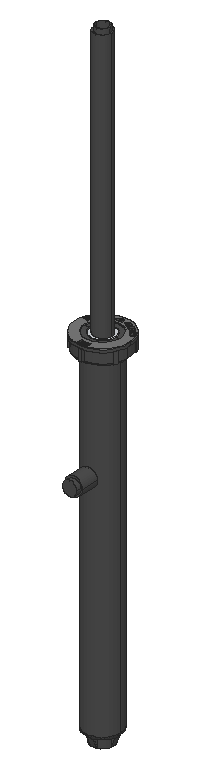
Revit family "Spray Bodies RD1800-S-P-45-NP Series", category Acessórios do tubo, Revit 2020
Family settings
  Cota do conector redondo = Utilizar diâmetro
  Tipo de parte = Normal
  Número OmniClass = 23.60.30.11.14
  Título OmniClass = Pipework Fittings
  Com base no plano de trabalho = Não
  Sempre na vertical = Sim
  Corte com vazios quando carregada = Não
  Compartilhado = Não
Parameters (values of type "RD1812-S-P-45-NP")
  White Plastic = Purple Plastic
  URL = "https://www.rainbird.com/"
  SupportProjetos: Reviw Date = "15/11/2020"  # constant formula
  SupportProjetos: Reviw = "R01"  # constant formula
  SupportProjetos: Level of Detail = "LOD 300"  # constant formula
  SupportProjetos: Developed = "MICHEL SOARES MOTA"  # constant formula
  SupportProjetos: Creation Date = "13/07/2020"  # constant formula
  Side inlet = Model > 1805  # yes
  RainBird: Product Link = "https://store.rainbird.com/sprinklers/spray-heads.html?sprays_sprayheadseries=117"
  RainBird: Description = "Spray Bodies Serie ED1800 - Model RD1812-S-P-45-NP"
  RainBird: Comment [instance] = ""
  RT = 0.3015 cm
  RN = 1 cm
  R5 = 1 cm
  R4 = 1.25 cm
  R3 = 2 cm
  R2 = 2.85 cm
  R1 = 1 cm
  R-VAN = yes
  Pop up height = 30.5 cm
  Pop up on [instance] = yes
  Modelo = "RD1812-S-P-45-NP"
  Model = 1812
  H1 = Body height / 3  # 13.5333 cm
  Elevação padrão = 0 cm
  Descrição = RainBird: Description  # "Spray Bodies Serie ED1800 - Model RD1812-S-P-45-NP"
  DT8 = 0.08 cm
  DT7 = 3.05 cm
  DT6 = 2 cm
  DT5 = 0.12 cm
  DT4 = 0.5 cm
  DT3 = 0.7973 cm
  DT2 = 1 cm
  DT1 = 1.4 cm
  DD9 = 2 cm
  DD8 [instance] = if(Pop up on, Pop up height, 0 cm)  # 30.5 cm
  DD7 = 0.6 cm
  DD6 = 0.3 cm
  DD5 = 0.2 cm
  DD3 = 1.8 cm
  DD2 = 0.5 cm
  DD13 = 1.5 cm
  DD12 [instance] = if(Pop up on, Pop up height + 1.51 cm, 0 cm)  # 32.01 cm
  DD11 = 0.6254 cm
  DD10 = 2.5 cm
  DD1 = 1.2 cm
  Conection = 1.91 cm  # constant formula
  Body height = 40.6 cm
  Black Plastic 2 = Black Plastic 2
  Black Plastic = Black Plastic
  Arch Angle [instance] = 180.00°
  AA1 = 135.00°
  1812 = yes
  1806 = no
  1804 = no
  180 = no
Types (4, lengths in cm): name | Side inlet | RainBird: Description | Pop up height | Modelo | Model | H1 | Descrição | DD9 | DD8 | DD12 | DD11 | DD10 | Body height | 1812 | 1806 | 1804 | 180
  (no name) | yes | "Spray Bodies Serie ED1800 - Model RD1812-S-P-45-NP" | 30.5 | "RD1812-S-P-45-NP" | 1812 | 13.5333 | "Spray Bodies Serie ED1800 - Model RD1812-S-P-45-NP" | 2 | 30.5 | 32.01 | 0.6254 | 2.5 | 40.6 | yes | no | no | no
  RD1804-S-P-45-NP | no | "Spray Bodies Serie RD1800 - Model RD1804-S-P-45-NP" | 10.2 | "RD1804-S-P-45-NP" | 1804 | 5.0667 | "Spray Bodies Serie RD1800 - Model RD1804-S-P-45-NP" | 1.3673 | 10.2 | 11.71 | 0.2 | 2.7818 | 15.2 | no | no | yes | yes
  RD1806-S-P-45-NP | yes | "Spray Bodies Serie RD1800 - Model RD1806-S-P-45-NP" | 15.2 | "RD1806-S-P-45-NP" | 1806 | 7.9333 | "Spray Bodies Serie RD1800 - Model RD1806-S-P-45-NP" | 1.3673 | 15.2 | 16.71 | 0.1 | 2.7818 | 23.8 | no | yes | no | yes
  RD1812-S-P-45-NP | yes | "Spray Bodies Serie ED1800 - Model RD1812-S-P-45-NP" | 30.5 | "RD1812-S-P-45-NP" | 1812 | 13.5333 | "Spray Bodies Serie ED1800 - Model RD1812-S-P-45-NP" | 2 | 30.5 | 32.01 | 0.6254 | 2.5 | 40.6 | yes | no | no | no
Reference planes (cm)
  plane 1 "Centro (Frente/Trás)": y = 0
  plane 2: z = 0
  plane 3 "Centro (Esquerda/Direita)": x = 0
  plane 4: z = 0.12
  plane 5: z = 0.08
  plane 6: y = -2
Forms (cm)
  Revolve 1, solid, material "Black Plastic" <- "Black Plastic"
    sketch origin (0, 0, 0) x (1, 0, 0) y (0, 0, 1)
      loop
        line (2.85, -1.5672) -> (2.85, -0.3) -> (3.05, -0.3) -> (3.05, 0) -> (1.4, 0) -> (1.4, -1) -> (1, -1) -> (1, -30.5) -> (0.6, -30.5) -> (0.6, -39.4) -> (1, -39.4) -> (1, -40.6) -> (1.25, -40.6) -> (1.25, -39.4) -> (1.6985, -39.4)
        arc (1.6985, -39.4) -> (1.9117, -39.3117) -> (2, -39.0985) r 0.3015
        line (2, -39.0985) -> (2, -2.1015)
        arc (2, -2.1015) -> (2.0883, -1.8883) -> (2.3015, -1.8) r 0.3015
        line (2.3015, -1.8) -> (2.6172, -1.8) -> (2.85, -1.5672)
      axis (0, -40.6) -> (0, 0)
    angle from 0 to 360
  Extrusion 2, solid, material "Black Plastic" <- "Black Plastic"
    sketch origin (0, 0, 0) x (1, 0, 0) y (0, 1, 0)
      loop
        circle (0, 0) r 1
    from -30.5 to 30.5
  Extrusion 3, void
    sketch origin (0, 0, 0) x (1, 0, 0) y (0, 1, 0)
      loop
        circle (0, 0) r 1
      loop
        circle (0, 0) r 0.7973
    from 30 to 30.5
  Extrusion 4, solid, material "Black Plastic" <- "Black Plastic", visible <- "180"
    sketch origin (0, -2.5, 0) x (1, 0, 0) y (0, 1, 0)
      loop
        line (-2.231, 3.2135) -> (-2.1644, 3.3339) -> (-2.3679, 3.3844) -> (-2.2992, 3.5085) -> (-2.0365, 3.4904) -> (-1.9715, 3.608) -> (-2.2887, 3.6298) -> (-2.4263, 3.706) -> (-2.6398, 3.6445) -> (-2.8298, 3.3622) -> (-2.231, 3.2135)
      loop
        line (-2.6663, 3.4585) -> (-2.4339, 3.4008) -> (-2.3526, 3.5478) -> (-2.4178, 3.6107) -> (-2.5587, 3.5701) -> (-2.6663, 3.4585)
      loop
        line (-1.9163, 3.7039) -> (-1.8175, 3.8064) -> (-1.8808, 3.8933) -> (-1.7232, 4.0568) -> (-1.6371, 4.0092) -> (-1.5763, 4.1193) -> (-2.1283, 4.1963) -> (-2.2118, 4.1098) -> (-1.9163, 3.7039)
      loop
        line (-2.0723, 4.0915) -> (-1.9537, 3.9286) -> (-1.8139, 4.0736) -> (-2.0723, 4.0915)
      loop
        line (-1.8177, 4.5186) -> (-1.3486, 4.2146) -> (-1.2727, 4.2934) -> (-1.7417, 4.5974) -> (-1.8177, 4.5186)
      loop
        line (-1.1151, 4.372) -> (-1.0305, 4.4599) -> (-1.2636, 4.6846) -> (-0.7593, 4.6142) -> (-0.6667, 4.7103) -> (-1.0803, 5.0567) -> (-1.1605, 4.9984) -> (-0.8466, 4.7354) -> (-1.4131, 4.8145) -> (-1.5049, 4.7477) -> (-1.1151, 4.372)
      loop
        line (-0.4562, 4.9237) -> (-0.283, 4.8466) -> (-0.0843, 4.7934) -> (0, 4.9138) -> (0.2358, 4.8722) -> (0.2981, 4.9345) -> (0.116, 5.0156) -> (0.2085, 5.1477) -> (-0.0336, 5.3172) -> (-0.0336, 5.1849) -> (-0.0336, 5.0821) -> (-0.1724, 5.1439) -> (-0.2428, 5.1033) -> (-0.1476, 5.0081) -> (-0.274, 4.9621) -> (-0.4562, 4.9237)
      loop
        line (0.6147, 4.7728) -> (0.9327, 4.5929) -> (1.0885, 4.5721) -> (1.1808, 4.6694) -> (1.1317, 4.7723) -> (1.2619, 4.7549) -> (1.334, 4.8309) -> (1.2754, 4.9539) -> (0.9573, 5.1338) -> (0.6147, 4.7728)
      loop
        line (0.8462, 4.8897) -> (0.7501, 4.7884) -> (0.9556, 4.6722) -> (1.0744, 4.6732) -> (1.0734, 4.7801) -> (0.8462, 4.8897)
      loop
        line (0.9989, 5.0507) -> (0.9222, 4.9699) -> (1.1173, 4.8595) -> (1.2037, 4.8602) -> (1.1883, 4.9435) -> (0.9989, 5.0507)
      loop
        line (1.2199, 4.4305) -> (1.3171, 4.3754) -> (1.7079, 4.7092) -> (1.6106, 4.7642) -> (1.2199, 4.4305)
      loop
        line (1.9335, 4.5079) -> (1.472, 4.2878) -> (1.5637, 4.2008) -> (1.7245, 4.2775) -> (1.8813, 4.1484) -> (1.7689, 4.0299) -> (1.857, 3.9063) -> (1.985, 3.9976) -> (2.0031, 4.1334) -> (2.1114, 4.0951) -> (2.2369, 4.155) -> (2.156, 4.3246) -> (1.9335, 4.5079)
      loop
        line (1.9261, 4.4053) -> (1.8225, 4.3559) -> (1.9436, 4.2141) -> (2.1112, 4.2155) -> (2.0556, 4.3321) -> (1.9261, 4.4053)
      loop
        line (1.9557, 3.8215) -> (2.1968, 3.4836) -> (2.3925, 3.4143) -> (2.7137, 3.5675) -> (2.6804, 3.6964) -> (2.4921, 3.9603) -> (1.9557, 3.8215)
      loop
        line (2.1302, 3.7523) -> (2.2577, 3.5736) -> (2.4889, 3.5756) -> (2.5959, 3.652) -> (2.4629, 3.8384) -> (2.1302, 3.7523)
      loop
        line (-0.516, -0.0627) -> (-0.4245, -0.0627) -> (-0.4245, -0.3834) -> (-0.3366, -0.3834) -> (-0.3366, 0.1166) -> (-0.516, -0.0627)
      loop
        line (-0.2745, 0.1165) -> (-0.2745, -0.3834) -> (-0.0345, -0.3834) -> (-0.0345, 0.1165) -> (-0.2745, 0.1165)
      loop
        line (-0.1945, 0.0365) -> (-0.1945, -0.0861) -> (-0.1145, -0.0861) -> (-0.1145, 0.0365) -> (-0.1945, 0.0365)
      loop
        line (-0.1945, -0.1661) -> (-0.1945, -0.3034) -> (-0.1145, -0.3034) -> (-0.1145, -0.1661) -> (-0.1945, -0.1661)
      loop
        line (0.0395, 0.1165) -> (0.0395, -0.3834) -> (0.2795, -0.3834) -> (0.2795, 0.1165) -> (0.0395, 0.1165)
      loop
        line (0.1195, 0.0365) -> (0.1195, -0.3034) -> (0.1995, -0.3034) -> (0.1995, 0.0365) -> (0.1195, 0.0365)
    from 0 to 0.12
  Extrusion 5, solid, material "Black Plastic 2" <- "Black Plastic 2"
    sketch origin (0, 0, 0) x (1, 0, 0) y (0, 1, 0)
      loop
        circle (0, 0) r 3.05
      loop
        circle (0, 0) r 2
    from 0 to 0.08
  Extrusion 6, solid, material "Black Plastic" <- "Black Plastic", visible <- "Side inlet"
    sketch origin (0, 0, 0) x (1, 0, 0) y (0, 0, 1)
      loop
        circle (0, -13.5333) r 1
    from 2 to 4
  Extrusion 7, solid, material "Black Plastic" <- "Black Plastic", visible <- "Side inlet"
    sketch origin (0, 0, 0) x (1, 0, 0) y (0, 0, 1)
      loop
        circle (0, -13.5333) r 0.7964
    from 4 to 4.5
  Extrusion 8, void
    sketch origin (0, 0, 0) x (1, 0, 0) y (0, 1, 0)
      loop
        circle (0, 0) r 0.6963
    from -30.5 to 30.5
  Extrusion 9, solid, material "Black Plastic" <- "Black Plastic"
    sketch origin (0, 0, 0) x (0, 1, 0) y (0, 0, 1)
      loop
        line (1.25, -39.4) -> (1.25, -40.6) -> (1.75, -39.4) -> (1.25, -39.4)
      loop
        line (-1.25, -39.4) -> (-1.75, -39.4) -> (-1.25, -40.6) -> (-1.25, -39.4)
    from -0.3127 to 0.3127
  Extrusion 10, solid, material "Black Plastic" <- "Black Plastic"
    sketch origin (0, 0, 0) x (-1, 0, 0) y (0, 0, 1)
      loop
        line (1.25, -39.4) -> (1.25, -40.6) -> (1.75, -39.4) -> (1.25, -39.4)
      loop
        line (-1.25, -39.4) -> (-1.75, -39.4) -> (-1.25, -40.6) -> (-1.25, -39.4)
    from -0.3127 to 0.3127
  Extrusion 11, solid, material "Black Plastic" <- "Black Plastic", visible <- "1804"
    sketch origin (0.5778, -2.5, 0) x (1, 0, 0) y (0, 1, 0)
      loop
        line (-0.268, -0.156) -> (-0.108, -0.156) -> (-0.108, -0.3834) -> (-0.024, -0.3834) -> (-0.024, 0.1165) -> (-0.108, 0.1165) -> (-0.108, -0.0861) -> (-0.188, -0.0861) -> (-0.188, 0.1165) -> (-0.268, 0.1165) -> (-0.268, -0.156)
    from 0 to 0.12
  Extrusion 12, solid, material "Black Plastic" <- "Black Plastic", visible <- "1806"
    sketch origin (0.5778, -2.5, 0) x (1, 0, 0) y (0, 1, 0)
      loop
        line (-0.268, -0.3834) -> (-0.024, -0.3834) -> (-0.024, -0.0861) -> (-0.188, -0.0861) -> (-0.188, 0.0365) -> (-0.024, 0.0365) -> (-0.024, 0.1165) -> (-0.268, 0.1165) -> (-0.268, -0.3834)
      loop
        line (-0.188, -0.1661) -> (-0.188, -0.3034) -> (-0.108, -0.3034) -> (-0.108, -0.1661) -> (-0.188, -0.1661)
    from 0 to 0.12
  Extrusion 13, solid, material "Black Plastic" <- "Black Plastic", visible <- "1812"
    sketch origin (0, -2.5, 0) x (1, 0, 0) y (0, 1, 0)
      loop
        line (-2.231, 3.2135) -> (-2.1644, 3.3339) -> (-2.3679, 3.3844) -> (-2.2992, 3.5085) -> (-2.0365, 3.4904) -> (-1.9715, 3.608) -> (-2.2887, 3.6298) -> (-2.4263, 3.706) -> (-2.6398, 3.6445) -> (-2.8298, 3.3622) -> (-2.231, 3.2135)
      loop
        line (-2.6663, 3.4585) -> (-2.4339, 3.4008) -> (-2.3526, 3.5478) -> (-2.4178, 3.6107) -> (-2.5587, 3.5701) -> (-2.6663, 3.4585)
      loop
        line (-1.9163, 3.7039) -> (-1.8175, 3.8064) -> (-1.8808, 3.8933) -> (-1.7232, 4.0568) -> (-1.6371, 4.0092) -> (-1.5763, 4.1193) -> (-2.1283, 4.1963) -> (-2.2118, 4.1098) -> (-1.9163, 3.7039)
      loop
        line (-2.0723, 4.0915) -> (-1.9537, 3.9286) -> (-1.8139, 4.0736) -> (-2.0723, 4.0915)
      loop
        line (-1.8177, 4.5186) -> (-1.3486, 4.2146) -> (-1.2727, 4.2934) -> (-1.7417, 4.5974) -> (-1.8177, 4.5186)
      loop
        line (-1.1151, 4.372) -> (-1.0305, 4.4599) -> (-1.2636, 4.6846) -> (-0.7593, 4.6142) -> (-0.6667, 4.7103) -> (-1.0803, 5.0567) -> (-1.1605, 4.9984) -> (-0.8466, 4.7354) -> (-1.4131, 4.8145) -> (-1.5049, 4.7477) -> (-1.1151, 4.372)
      loop
        line (-0.4562, 4.9237) -> (-0.283, 4.8466) -> (-0.0843, 4.7934) -> (0, 4.9138) -> (0.2358, 4.8722) -> (0.2981, 4.9345) -> (0.116, 5.0156) -> (0.2085, 5.1477) -> (-0.0336, 5.3172) -> (-0.0336, 5.1849) -> (-0.0336, 5.0821) -> (-0.1724, 5.1439) -> (-0.2428, 5.1033) -> (-0.1476, 5.0081) -> (-0.274, 4.9621) -> (-0.4562, 4.9237)
      loop
        line (0.6147, 4.7728) -> (0.9327, 4.5929) -> (1.0885, 4.5721) -> (1.1808, 4.6694) -> (1.1317, 4.7723) -> (1.2619, 4.7549) -> (1.334, 4.8309) -> (1.2754, 4.9539) -> (0.9573, 5.1338) -> (0.6147, 4.7728)
      loop
        line (0.8462, 4.8897) -> (0.7501, 4.7884) -> (0.9556, 4.6722) -> (1.0744, 4.6732) -> (1.0734, 4.7801) -> (0.8462, 4.8897)
      loop
        line (0.9989, 5.0507) -> (0.9222, 4.9699) -> (1.1173, 4.8595) -> (1.2037, 4.8602) -> (1.1883, 4.9435) -> (0.9989, 5.0507)
      loop
        line (1.2199, 4.4305) -> (1.3171, 4.3754) -> (1.7079, 4.7092) -> (1.6106, 4.7642) -> (1.2199, 4.4305)
      loop
        line (1.9335, 4.5079) -> (1.472, 4.2878) -> (1.5637, 4.2008) -> (1.7245, 4.2775) -> (1.8813, 4.1484) -> (1.7689, 4.0299) -> (1.857, 3.9063) -> (1.985, 3.9976) -> (2.0031, 4.1334) -> (2.1114, 4.0951) -> (2.2369, 4.155) -> (2.156, 4.3246) -> (1.9335, 4.5079)
      loop
        line (1.9261, 4.4053) -> (1.8225, 4.3559) -> (1.9436, 4.2141) -> (2.1112, 4.2155) -> (2.0556, 4.3321) -> (1.9261, 4.4053)
      loop
        line (1.9557, 3.8215) -> (2.1968, 3.4836) -> (2.3925, 3.4143) -> (2.7137, 3.5675) -> (2.6804, 3.6964) -> (2.4921, 3.9603) -> (1.9557, 3.8215)
      loop
        line (2.1302, 3.7523) -> (2.2577, 3.5736) -> (2.4889, 3.5756) -> (2.5959, 3.652) -> (2.4629, 3.8384) -> (2.1302, 3.7523)
      loop
        line (-0.516, -0.0625) -> (-0.4245, -0.0625) -> (-0.4245, -0.3832) -> (-0.3366, -0.3832) -> (-0.3366, 0.1168) -> (-0.516, -0.0625)
      loop
        line (-0.2745, 0.1166) -> (-0.2745, -0.3832) -> (-0.0345, -0.3832) -> (-0.0345, 0.1166) -> (-0.2745, 0.1166)
      loop
        line (-0.1945, 0.0366) -> (-0.1945, -0.086) -> (-0.1145, -0.086) -> (-0.1145, 0.0366) -> (-0.1945, 0.0366)
      loop
        line (-0.1945, -0.166) -> (-0.1945, -0.3032) -> (-0.1145, -0.3032) -> (-0.1145, -0.166) -> (-0.1945, -0.166)
      loop
        line (0.2795, 0.1166) -> (0.1002, -0.0625) -> (0.1916, -0.0625) -> (0.1916, -0.3831) -> (0.2795, -0.3831) -> (0.2795, 0.1166)
      loop
        line (0.3097, 0.1165) -> (0.3097, 0.0365) -> (0.4697, 0.0365) -> (0.4697, -0.0861) -> (0.3097, -0.0861) -> (0.3097, -0.3834) -> (0.5537, -0.3834) -> (0.5537, -0.3032) -> (0.3897, -0.3032) -> (0.3897, -0.1664) -> (0.5537, -0.1664) -> (0.5537, 0.1165) -> (0.3097, 0.1165)
    from 0 to 0.12
  Extrusion 14, solid, material "Black Plastic" <- "Black Plastic"
    sketch origin (0, 0, 0) x (1, 0, 0) y (0, 1, 0)
      loop
        line (-0.1873, 3.0442) -> (-0.1873, 2.8126)
        arc (-0.1873, 2.8126) -> (0, 2.8188) -> (0.1873, 2.8126) r 2.8188
        line (0.1873, 2.8126) -> (0.1873, 3.0442)
        arc (0.1873, 3.0442) -> (0, 3.05) -> (-0.1873, 3.0442) r 3.05
      loop
        arc (-0.1873, -3.0442) -> (0, -3.05) -> (0.1873, -3.0442) r 3.05
        line (0.1873, -3.0442) -> (0.1873, -2.8126)
        arc (0.1873, -2.8126) -> (0, -2.8188) -> (-0.1873, -2.8126) r 2.8188
        line (-0.1873, -2.8126) -> (-0.1873, -3.0442)
      loop
        line (-2.73, 1.3599) -> (-2.5294, 1.2441)
        arc (-2.5294, 1.2441) -> (-2.4411, 1.4094) -> (-2.3421, 1.5685) r 2.8188
        line (-2.3421, 1.5685) -> (-2.5427, 1.6843)
        arc (-2.5427, 1.6843) -> (-2.6414, 1.525) -> (-2.73, 1.3599) r 3.05
      loop
        arc (2.5427, -1.6843) -> (2.6414, -1.525) -> (2.73, -1.3599) r 3.05
        line (2.73, -1.3599) -> (2.5294, -1.2441)
        arc (2.5294, -1.2441) -> (2.4411, -1.4094) -> (2.3421, -1.5685) r 2.8188
        line (2.3421, -1.5685) -> (2.5427, -1.6843)
      loop
        line (-2.5427, -1.6843) -> (-2.3421, -1.5685)
        arc (-2.3421, -1.5685) -> (-2.4411, -1.4094) -> (-2.5294, -1.2441) r 2.8188
        line (-2.5294, -1.2441) -> (-2.73, -1.3599)
        arc (-2.73, -1.3599) -> (-2.6414, -1.525) -> (-2.5427, -1.6843) r 3.05
      loop
        arc (2.73, 1.3599) -> (2.6414, 1.525) -> (2.5427, 1.6843) r 3.05
        line (2.5427, 1.6843) -> (2.3421, 1.5685)
        arc (2.3421, 1.5685) -> (2.4411, 1.4094) -> (2.5294, 1.2441) r 2.8188
        line (2.5294, 1.2441) -> (2.73, 1.3599)
    from -1.5672 to -0.3
Cuts and joins
  Extrusion 3, Extrusion 8 cuts Extrusion 2
Dimensions and locks (cm)
  "Body height": level to Revolve 1 sketch curve
  "R2": Revolve 1 sketch curve to plane 3 "Centro (Esquerda/Direita)"
  "DD1": Revolve 1 sketch curve to Revolve 1 sketch curve
  "DD3": level to Revolve 1 sketch curve
  "R3": Revolve 1 sketch curve to plane 3 "Centro (Esquerda/Direita)"
  "R4": Revolve 1 sketch curve to plane 3 "Centro (Esquerda/Direita)"
  "DD5": Revolve 1 sketch curve to Revolve 1 sketch curve
  "DD6": level to Revolve 1 sketch curve
  "RN": Revolve 1 sketch curve to plane 3 "Centro (Esquerda/Direita)"
  "Pop up height": level to Revolve 1 sketch curve
  "R5": plane 3 "Centro (Esquerda/Direita)" to Revolve 1 sketch curve
  "DD7": Revolve 1 sketch curve to plane 3 "Centro (Esquerda/Direita)"
  "DT1": plane 3 "Centro (Esquerda/Direita)" to Revolve 1 sketch curve
  "DT2": level to Revolve 1 sketch curve
  "DD8": Extrusion 2 to level
  "DT4": cut or joined group of Extrusion 2, Extrusion 3, Extrusion 8 to cut or joined group of Extrusion 2, Extrusion 3, Extrusion 8
  "DT5": plane 4 to level
  "DT8": plane 5 to level
  "H1": level to Extrusion 6 sketch curve
  "R3": plane 6 to plane 1 "Centro (Frente/Trás)"
  "DD9": Extrusion 6 to plane 6
  locked: Extrusion 7 to Extrusion 6 at 0.5
  "H1": level to Extrusion 7 sketch curve
  equal spacing: Extrusion 9, plane 3 "Centro (Esquerda/Direita)", Extrusion 9
  "DD11": Extrusion 9 to Extrusion 9
  equal spacing: Extrusion 10, plane 1 "Centro (Frente/Trás)", Extrusion 10
  "DD11": Extrusion 10 to Extrusion 10
  plane 3 "Centro (Esquerda/Direita)" to Extrusion 14 = 0.1873 cm
  "RT": radius of Revolve 1 sketch curve  (x2)
  "R1": radius of Extrusion 2 sketch curve
  "R1": radius of Extrusion 3 sketch curve
  "DT3": radius of Extrusion 3 sketch curve
  "DT6": radius of Extrusion 5 sketch curve
  "DT7": radius of Extrusion 5 sketch curve
  "AA1": angle Revolve 1 sketch curve to Revolve 1 sketch curve
  aligned and locked: level to plane 2
  aligned and locked: level to Revolve 1 sketch curve
  aligned and locked: Revolve 1 sketch curve to Revolve 1 sketch curve
  aligned and locked: Extrusion 2 to Revolve 1
  aligned and locked: cut or joined group of Extrusion 2, Extrusion 3, Extrusion 8 to cut or joined group of Extrusion 2, Extrusion 3, Extrusion 8  (x3)
  aligned and locked: Extrusion 4 to level
  aligned and locked: plane 4 to Extrusion 4
  aligned and locked: Extrusion 5 to level
  aligned and locked: plane 5 to Extrusion 5
  aligned and locked: plane 6 to Extrusion 6
  aligned and locked: Extrusion 7 to Extrusion 6
  aligned and locked: Extrusion 9 to Revolve 1
  aligned and locked: Extrusion 10 to Revolve 1
  aligned and locked: Revolve 1 to Extrusion 10
  aligned and locked: Revolve 1 to Extrusion 9
  aligned and locked: Revolve 1 to Extrusion 14  (x2)
Automatic sketch dimensions
  plane 1 "Centro (Frente/Trás)" to Extrusion 2 sketch curve = 0 cm
  Extrusion 2 sketch curve to plane 3 "Centro (Esquerda/Direita)" = 0 cm
  Extrusion 4 sketch curve to plane 3 "Centro (Esquerda/Direita)" = 0 cm
  Extrusion 4 sketch curve to plane 3 "Centro (Esquerda/Direita)" = 0.0336 cm
  Extrusion 4 sketch curve to plane 3 "Centro (Esquerda/Direita)" = 0.0345 cm
  Extrusion 4 sketch curve to plane 3 "Centro (Esquerda/Direita)" = 0.0843 cm
  Extrusion 4 sketch curve to plane 3 "Centro (Esquerda/Direita)" = 0.1145 cm
  Extrusion 4 sketch curve to Extrusion 4 sketch curve = 0.08 cm  (x11)
  Extrusion 4 sketch curve to Extrusion 4 sketch curve = 0.114 cm
  Extrusion 4 sketch curve to Extrusion 4 sketch curve = 0.0248 cm
  Extrusion 4 sketch curve to Extrusion 4 sketch curve = 0.0704 cm
  Extrusion 4 sketch curve to Extrusion 4 sketch curve = 0.1264 cm
  Extrusion 4 sketch curve to Extrusion 4 sketch curve = 0.009 cm
  Extrusion 4 sketch curve to Extrusion 4 sketch curve = 0.0622 cm  (x3)
  Extrusion 4 sketch curve to Extrusion 4 sketch curve = 0.0879 cm
  Extrusion 4 sketch curve to Extrusion 4 sketch curve = 0.1822 cm
  Extrusion 4 sketch curve to Extrusion 4 sketch curve = 0.0914 cm
  Extrusion 4 sketch curve to Extrusion 4 sketch curve = 0.2105 cm
  Extrusion 4 sketch curve to Extrusion 4 sketch curve = 0.0927 cm
  Extrusion 4 sketch curve to Extrusion 4 sketch curve = 0.0872 cm  (x2)
  Extrusion 4 sketch curve to Extrusion 4 sketch curve = 0.2711 cm
  Extrusion 4 sketch curve to Extrusion 4 sketch curve = 0.2338 cm
  Extrusion 4 sketch curve to Extrusion 4 sketch curve = 0.0847 cm  (x2)
  Extrusion 4 sketch curve to Extrusion 4 sketch curve = 0.0802 cm
  Extrusion 4 sketch curve to Extrusion 4 sketch curve = 0.2331 cm
  Extrusion 4 sketch curve to Extrusion 4 sketch curve = 0.1575 cm
  Extrusion 4 sketch curve to Extrusion 4 sketch curve = 0.0759 cm  (x2)
  Extrusion 4 sketch curve to Extrusion 4 sketch curve = 0.1495 cm
  Extrusion 4 sketch curve to Extrusion 4 sketch curve = 0.0917 cm  (x2)
  Extrusion 4 sketch curve to Extrusion 4 sketch curve = 0.2277 cm
  Extrusion 4 sketch curve to Extrusion 4 sketch curve = 0.0609 cm  (x2)
  Extrusion 4 sketch curve to Extrusion 4 sketch curve = 0.0861 cm
  Extrusion 4 sketch curve to Extrusion 4 sketch curve = 0.2369 cm
  Extrusion 4 sketch curve to Extrusion 4 sketch curve = 0.0907 cm
  Extrusion 4 sketch curve to Extrusion 4 sketch curve = 0.0037 cm
  Extrusion 4 sketch curve to Extrusion 4 sketch curve = 0.0633 cm
  Extrusion 4 sketch curve to Extrusion 4 sketch curve = 0.0988 cm
  Extrusion 4 sketch curve to Extrusion 4 sketch curve = 0.0729 cm
  Extrusion 4 sketch curve to Extrusion 4 sketch curve = 0.0551 cm
  Extrusion 4 sketch curve to plane 1 "Centro (Frente/Trás)" = 0.9904 cm
  Extrusion 4 sketch curve to Extrusion 4 sketch curve = 0.065 cm
  Extrusion 4 sketch curve to Extrusion 4 sketch curve = 0.1186 cm
  Extrusion 4 sketch curve to Extrusion 4 sketch curve = 0.056 cm
  Extrusion 4 sketch curve to plane 1 "Centro (Frente/Trás)" = 0.8339 cm
  Extrusion 4 sketch curve to Extrusion 4 sketch curve = 0.1279 cm
  Extrusion 4 sketch curve to Extrusion 4 sketch curve = 0.0835 cm
  Extrusion 4 sketch curve to plane 1 "Centro (Frente/Trás)" = 0.7135 cm
  Extrusion 4 sketch curve to Extrusion 4 sketch curve = 0.0666 cm  (x2)
  Extrusion 4 sketch curve to plane 1 "Centro (Frente/Trás)" = 1.1298 cm
  Extrusion 4 sketch curve to Extrusion 4 sketch curve = 0.2521 cm
  Extrusion 4 sketch curve to plane 1 "Centro (Frente/Trás)" = 1.0085 cm
  Extrusion 4 sketch curve to Extrusion 4 sketch curve = 0.0106 cm
  Extrusion 4 sketch curve to plane 1 "Centro (Frente/Trás)" = 1.0478 cm
  Extrusion 4 sketch curve to Extrusion 4 sketch curve = 0.0534 cm
  Extrusion 4 sketch curve to plane 1 "Centro (Frente/Trás)" = 0.8844 cm
  Extrusion 4 sketch curve to Extrusion 4 sketch curve = 0.0686 cm
  Extrusion 4 sketch curve to plane 1 "Centro (Frente/Trás)" = 1.1107 cm
  Extrusion 4 sketch curve to Extrusion 4 sketch curve = 0.0652 cm
  Extrusion 4 sketch curve to plane 1 "Centro (Frente/Trás)" = 1.206 cm
  Extrusion 4 sketch curve to Extrusion 4 sketch curve = 0.0084 cm
  Extrusion 4 sketch curve to plane 1 "Centro (Frente/Trás)" = 0.9008 cm
  Extrusion 4 sketch curve to Extrusion 4 sketch curve = 0.066 cm
  Extrusion 4 sketch curve to plane 1 "Centro (Frente/Trás)" = 1.0701 cm
  Extrusion 4 sketch curve to Extrusion 4 sketch curve = 0.1408 cm
  Extrusion 4 sketch curve to plane 1 "Centro (Frente/Trás)" = 1.1445 cm
  Extrusion 4 sketch curve to Extrusion 4 sketch curve = 0.0811 cm  (x2)
  Extrusion 4 sketch curve to plane 1 "Centro (Frente/Trás)" = 0.9585 cm
  Extrusion 4 sketch curve to Extrusion 4 sketch curve = 0.1076 cm
  Extrusion 4 sketch curve to plane 1 "Centro (Frente/Trás)" = 0.8622 cm
  Extrusion 4 sketch curve to Extrusion 4 sketch curve = 0.1635 cm
  plane 3 "Centro (Esquerda/Direita)" to Extrusion 4 sketch curve = 0.0395 cm
  plane 3 "Centro (Esquerda/Direita)" to Extrusion 4 sketch curve = 0.116 cm
  Extrusion 4 sketch curve to Extrusion 4 sketch curve = 0.0925 cm
  Extrusion 4 sketch curve to Extrusion 4 sketch curve = 0.1199 cm
  Extrusion 4 sketch curve to Extrusion 4 sketch curve = 0.3166 cm
  Extrusion 4 sketch curve to Extrusion 4 sketch curve = 0.1353 cm
  Extrusion 4 sketch curve to Extrusion 4 sketch curve = 0.0961 cm  (x2)
  Extrusion 4 sketch curve to Extrusion 4 sketch curve = 0.076 cm  (x2)
  Extrusion 4 sketch curve to Extrusion 4 sketch curve = 0.1827 cm
  Extrusion 4 sketch curve to Extrusion 4 sketch curve = 0.0229 cm
  Extrusion 4 sketch curve to Extrusion 4 sketch curve = 0.0351 cm
  Extrusion 4 sketch curve to Extrusion 4 sketch curve = 0.0416 cm
  Extrusion 4 sketch curve to Extrusion 4 sketch curve = 0.1178 cm
  Extrusion 4 sketch curve to Extrusion 4 sketch curve = 0.0009 cm
  Extrusion 4 sketch curve to Extrusion 4 sketch curve = 0.0141 cm
  Extrusion 4 sketch curve to Extrusion 4 sketch curve = 0.0439 cm
  Extrusion 4 sketch curve to Extrusion 4 sketch curve = 0.0583 cm
  Extrusion 4 sketch curve to Extrusion 4 sketch curve = 0.1064 cm
  Extrusion 4 sketch curve to Extrusion 4 sketch curve = 0.071 cm
  Extrusion 4 sketch curve to Extrusion 4 sketch curve = 0.0154 cm
  Extrusion 4 sketch curve to Extrusion 4 sketch curve = 0.1314 cm
  Extrusion 4 sketch curve to Extrusion 4 sketch curve = 0.0871 cm
  Extrusion 4 sketch curve to Extrusion 4 sketch curve = 0.0973 cm  (x3)
  Extrusion 4 sketch curve to Extrusion 4 sketch curve = 0.0721 cm
  Extrusion 4 sketch curve to Extrusion 4 sketch curve = 0.1549 cm
  Extrusion 4 sketch curve to Extrusion 4 sketch curve = 0.2766 cm
  Extrusion 4 sketch curve to Extrusion 4 sketch curve = 0.1608 cm
  Extrusion 4 sketch curve to Extrusion 4 sketch curve = 0.0443 cm
  Extrusion 4 sketch curve to Extrusion 4 sketch curve = 0.098 cm
  Extrusion 4 sketch curve to Extrusion 4 sketch curve = 0.0882 cm
  Extrusion 4 sketch curve to Extrusion 4 sketch curve = 0.1125 cm
  Extrusion 4 sketch curve to Extrusion 4 sketch curve = 0.1036 cm
  Extrusion 4 sketch curve to Extrusion 4 sketch curve = 0.0073 cm
  Extrusion 4 sketch curve to Extrusion 4 sketch curve = 0.0623 cm
  Extrusion 4 sketch curve to Extrusion 4 sketch curve = 0.0987 cm
  Extrusion 4 sketch curve to Extrusion 4 sketch curve = 0.128 cm
  Extrusion 4 sketch curve to Extrusion 4 sketch curve = 0.0595 cm
  Extrusion 4 sketch curve to Extrusion 4 sketch curve = 0.1295 cm
  Extrusion 4 sketch curve to Extrusion 4 sketch curve = 0.0556 cm
  Extrusion 4 sketch curve to Extrusion 4 sketch curve = 0.1083 cm
  Extrusion 4 sketch curve to Extrusion 4 sketch curve = 0.1745 cm
  Extrusion 4 sketch curve to Extrusion 4 sketch curve = 0.1004 cm
  Extrusion 4 sketch curve to plane 1 "Centro (Frente/Trás)" = 0.9836 cm
  Extrusion 4 sketch curve to Extrusion 4 sketch curve = 0.1255 cm
  Extrusion 4 sketch curve to plane 1 "Centro (Frente/Trás)" = 1.0736 cm
  Extrusion 4 sketch curve to plane 1 "Centro (Frente/Trás)" = 0.9143 cm
  Extrusion 4 sketch curve to Extrusion 4 sketch curve = 0.1957 cm
  Extrusion 4 sketch curve to Extrusion 4 sketch curve = 0.2053 cm
  Extrusion 4 sketch curve to plane 1 "Centro (Frente/Trás)" = 1.0756 cm
  Extrusion 4 sketch curve to Extrusion 4 sketch curve = 0.0964 cm
  Extrusion 4 sketch curve to Extrusion 4 sketch curve = 0.0292 cm
  Extrusion 4 sketch curve to plane 1 "Centro (Frente/Trás)" = 1.152 cm
  Extrusion 4 sketch curve to Extrusion 4 sketch curve = 0.107 cm
  Extrusion 4 sketch curve to plane 1 "Centro (Frente/Trás)" = 1.1964 cm
  Extrusion 4 sketch curve to Extrusion 4 sketch curve = 0.0844 cm
  Extrusion 4 sketch curve to plane 1 "Centro (Frente/Trás)" = 1.0675 cm
  Extrusion 4 sketch curve to Extrusion 4 sketch curve = 0.0333 cm
  Extrusion 4 sketch curve to plane 6 = 0.3834 cm
  Extrusion 4 sketch curve to Extrusion 4 sketch curve = 0.0001 cm
  Extrusion 4 sketch curve to Extrusion 4 sketch curve = 0 cm  (x4)
  Extrusion 4 sketch curve to Extrusion 4 sketch curve = 0.1793 cm
  Extrusion 4 sketch curve to Extrusion 4 sketch curve = 0.1226 cm
  Extrusion 4 sketch curve to Extrusion 4 sketch curve = 0.1372 cm
  Extrusion 4 sketch curve to Extrusion 4 sketch curve = 0.1176 cm
  Extrusion 4 sketch curve to Extrusion 4 sketch curve = 0.096 cm
  Extrusion 4 sketch curve to Extrusion 4 sketch curve = 0.1787 cm
  Extrusion 4 sketch curve to Extrusion 4 sketch curve = 0.1025 cm
  Extrusion 4 sketch curve to Extrusion 4 sketch curve = 0.0692 cm
  Extrusion 4 sketch curve to Extrusion 4 sketch curve = 0.0869 cm
  Extrusion 4 sketch curve to Extrusion 4 sketch curve = 0.0353 cm
  Extrusion 4 sketch curve to Extrusion 4 sketch curve = 0.1219 cm
  Extrusion 4 sketch curve to Extrusion 4 sketch curve = 0.0913 cm
  Extrusion 4 sketch curve to Extrusion 4 sketch curve = 0.1159 cm
  Extrusion 4 sketch curve to Extrusion 4 sketch curve = 0.0476 cm
  Extrusion 4 sketch curve to Extrusion 4 sketch curve = 0.0168 cm
  Extrusion 4 sketch curve to Extrusion 4 sketch curve = 0.1629 cm
  Extrusion 4 sketch curve to Extrusion 4 sketch curve = 0.0975 cm
  Extrusion 4 sketch curve to Extrusion 4 sketch curve = 0.0183 cm
  Extrusion 4 sketch curve to Extrusion 4 sketch curve = 0.0383 cm
  Extrusion 4 sketch curve to Extrusion 4 sketch curve = 0.015 cm
  Extrusion 4 sketch curve to Extrusion 4 sketch curve = 0.0599 cm
  Extrusion 4 sketch curve to Extrusion 4 sketch curve = 0.1049 cm
  Extrusion 4 sketch curve to Extrusion 4 sketch curve = 0.1709 cm
  Extrusion 4 sketch curve to Extrusion 4 sketch curve = 0.0657 cm
  Extrusion 4 sketch curve to Extrusion 4 sketch curve = 0.0953 cm
  Extrusion 4 sketch curve to Extrusion 4 sketch curve = 0.1091 cm
  Extrusion 4 sketch curve to Extrusion 4 sketch curve = 0.0767 cm
  Extrusion 4 sketch curve to Extrusion 4 sketch curve = 0.087 cm
  Extrusion 4 sketch curve to Extrusion 4 sketch curve = 0.0788 cm  (x3)
  Extrusion 4 sketch curve to Extrusion 4 sketch curve = 0.0074 cm
  Extrusion 4 sketch curve to Extrusion 4 sketch curve = 0.0783 cm
  Extrusion 4 sketch curve to Extrusion 4 sketch curve = 0.0787 cm
  Extrusion 4 sketch curve to Extrusion 4 sketch curve = 0.0876 cm
  Extrusion 4 sketch curve to Extrusion 4 sketch curve = 0.0494 cm
  Extrusion 4 sketch curve to Extrusion 4 sketch curve = 0.055 cm  (x2)
  Extrusion 4 sketch curve to Extrusion 4 sketch curve = 0.0878 cm
  Extrusion 4 sketch curve to Extrusion 4 sketch curve = 0.1026 cm
  Extrusion 4 sketch curve to Extrusion 4 sketch curve = 0.2291 cm
  Extrusion 4 sketch curve to Extrusion 4 sketch curve = 0.1417 cm
  Extrusion 4 sketch curve to Extrusion 4 sketch curve = 0.0208 cm
  Extrusion 4 sketch curve to Extrusion 4 sketch curve = 0.1543 cm
  Extrusion 4 sketch curve to Extrusion 4 sketch curve = 0.0792 cm
  Extrusion 4 sketch curve to Extrusion 4 sketch curve = 0.1011 cm
  Extrusion 4 sketch curve to Extrusion 4 sketch curve = 0.2013 cm
  Extrusion 4 sketch curve to Extrusion 4 sketch curve = 0.1212 cm
  Extrusion 4 sketch curve to Extrusion 4 sketch curve = 0.0855 cm
  Extrusion 4 sketch curve to Extrusion 4 sketch curve = 0.0078 cm
  Extrusion 4 sketch curve to Extrusion 4 sketch curve = 0.1007 cm
  Extrusion 4 sketch curve to Extrusion 4 sketch curve = 0.0156 cm
  Extrusion 4 sketch curve to Extrusion 4 sketch curve = 0.0831 cm
  Extrusion 4 sketch curve to Extrusion 4 sketch curve = 0.0668 cm
  Extrusion 4 sketch curve to Extrusion 4 sketch curve = 0.0532 cm
  Extrusion 4 sketch curve to Extrusion 4 sketch curve = 0.0008 cm
  Extrusion 4 sketch curve to Extrusion 4 sketch curve = 0.1013 cm
  Extrusion 4 sketch curve to Extrusion 4 sketch curve = 0.1204 cm
  Extrusion 4 sketch curve to Extrusion 4 sketch curve = 0.0771 cm
  Extrusion 4 sketch curve to Extrusion 4 sketch curve = 0.0832 cm  (x2)
  Extrusion 4 sketch curve to Extrusion 4 sketch curve = 0.0104 cm
  Extrusion 4 sketch curve to Extrusion 4 sketch curve = 0.1155 cm
  Extrusion 4 sketch curve to Extrusion 4 sketch curve = 0.0801 cm
  Extrusion 4 sketch curve to Extrusion 4 sketch curve = 0.1839 cm
  Extrusion 4 sketch curve to Extrusion 4 sketch curve = 0.046 cm
  Extrusion 4 sketch curve to Extrusion 4 sketch curve = 0.1018 cm
  Extrusion 4 sketch curve to Extrusion 4 sketch curve = 0.0808 cm
  Extrusion 4 sketch curve to Extrusion 4 sketch curve = 0.0584 cm
  Extrusion 4 sketch curve to Extrusion 4 sketch curve = 0.074 cm
  Extrusion 4 sketch curve to Extrusion 4 sketch curve = 0.0952 cm
  Extrusion 4 sketch curve to Extrusion 4 sketch curve = 0.0406 cm
  Extrusion 4 sketch curve to Extrusion 4 sketch curve = 0.1321 cm
  Extrusion 4 sketch curve to Extrusion 4 sketch curve = 0.1028 cm
  plane 1 "Centro (Frente/Trás)" to Extrusion 8 sketch curve = 0 cm
  Extrusion 8 sketch curve to plane 3 "Centro (Esquerda/Direita)" = 0 cm
  plane 6 to Extrusion 9 sketch curve = 0.25 cm
  plane 6 to Extrusion 9 sketch curve = 0.75 cm
  Extrusion 9 sketch curve to plane 1 "Centro (Frente/Trás)" = 1.25 cm
  Extrusion 9 sketch curve to Extrusion 9 sketch curve = 0.5 cm
  Extrusion 9 sketch curve to level = 40.6 cm
  Extrusion 9 sketch curve to Extrusion 9 sketch curve = 0 cm
  Extrusion 9 sketch curve to Extrusion 9 sketch curve = 1.2 cm  (x2)
  plane 3 "Centro (Esquerda/Direita)" to Extrusion 10 sketch curve = 1.75 cm
  plane 3 "Centro (Esquerda/Direita)" to Extrusion 10 sketch curve = 1.25 cm
  Extrusion 10 sketch curve to plane 3 "Centro (Esquerda/Direita)" = 1.25 cm
  Extrusion 10 sketch curve to Extrusion 10 sketch curve = 0.5 cm
  Extrusion 10 sketch curve to level = 40.6 cm
  Extrusion 10 sketch curve to Extrusion 10 sketch curve = 0 cm
  Extrusion 10 sketch curve to Extrusion 10 sketch curve = 1.2 cm  (x2)
  plane 3 "Centro (Esquerda/Direita)" to Extrusion 11 sketch curve = 0.3097 cm
  Extrusion 11 sketch curve to Extrusion 11 sketch curve = 0.08 cm  (x2)
  Extrusion 11 sketch curve to Extrusion 11 sketch curve = 0 cm  (x2)
  Extrusion 11 sketch curve to Extrusion 11 sketch curve = 0.084 cm
  Extrusion 11 sketch curve to plane 6 = 0.8834 cm
  Extrusion 11 sketch curve to Extrusion 11 sketch curve = 0.2273 cm
  Extrusion 11 sketch curve to Extrusion 11 sketch curve = 0.0699 cm
  Extrusion 11 sketch curve to Extrusion 11 sketch curve = 0.2026 cm
  plane 3 "Centro (Esquerda/Direita)" to Extrusion 12 sketch curve = 0.3097 cm
  Extrusion 12 sketch curve to Extrusion 12 sketch curve = 0.08 cm  (x6)
  Extrusion 12 sketch curve to Extrusion 12 sketch curve = 0.084 cm
  Extrusion 12 sketch curve to Extrusion 12 sketch curve = 0.164 cm
  Extrusion 12 sketch curve to plane 6 = 0.8834 cm
  Extrusion 12 sketch curve to Extrusion 12 sketch curve = 0.1372 cm
  Extrusion 12 sketch curve to Extrusion 12 sketch curve = 0.1226 cm
  Extrusion 13 sketch curve to plane 3 "Centro (Esquerda/Direita)" = 0 cm
  Extrusion 13 sketch curve to plane 3 "Centro (Esquerda/Direita)" = 0.0336 cm
  Extrusion 13 sketch curve to plane 3 "Centro (Esquerda/Direita)" = 0.0345 cm
  Extrusion 13 sketch curve to plane 3 "Centro (Esquerda/Direita)" = 0.0843 cm
  Extrusion 13 sketch curve to plane 3 "Centro (Esquerda/Direita)" = 0.1145 cm
  Extrusion 13 sketch curve to Extrusion 13 sketch curve = 0 cm  (x2)
  Extrusion 13 sketch curve to Extrusion 13 sketch curve = 0.114 cm
  Extrusion 13 sketch curve to Extrusion 13 sketch curve = 0.0248 cm
  Extrusion 13 sketch curve to Extrusion 13 sketch curve = 0.08 cm  (x8)
  Extrusion 13 sketch curve to Extrusion 13 sketch curve = 0.0704 cm
  Extrusion 13 sketch curve to Extrusion 13 sketch curve = 0.1264 cm
  Extrusion 13 sketch curve to Extrusion 13 sketch curve = 0.009 cm
  Extrusion 13 sketch curve to Extrusion 13 sketch curve = 0.0622 cm  (x3)
  Extrusion 13 sketch curve to Extrusion 13 sketch curve = 0.0879 cm  (x2)
  Extrusion 13 sketch curve to Extrusion 13 sketch curve = 0.1822 cm
  Extrusion 13 sketch curve to Extrusion 13 sketch curve = 0.0914 cm
  Extrusion 13 sketch curve to Extrusion 13 sketch curve = 0.2105 cm
  Extrusion 13 sketch curve to Extrusion 13 sketch curve = 0.0927 cm
  Extrusion 13 sketch curve to Extrusion 13 sketch curve = 0.0872 cm  (x2)
  Extrusion 13 sketch curve to Extrusion 13 sketch curve = 0.2711 cm
  Extrusion 13 sketch curve to Extrusion 13 sketch curve = 0.2338 cm
  Extrusion 13 sketch curve to Extrusion 13 sketch curve = 0.0847 cm  (x2)
  Extrusion 13 sketch curve to Extrusion 13 sketch curve = 0.0802 cm
  Extrusion 13 sketch curve to Extrusion 13 sketch curve = 0.2331 cm
  Extrusion 13 sketch curve to Extrusion 13 sketch curve = 0.1575 cm
  Extrusion 13 sketch curve to Extrusion 13 sketch curve = 0.0759 cm  (x2)
  Extrusion 13 sketch curve to Extrusion 13 sketch curve = 0.1495 cm
  Extrusion 13 sketch curve to Extrusion 13 sketch curve = 0.0917 cm  (x2)
  Extrusion 13 sketch curve to Extrusion 13 sketch curve = 0.2277 cm
  Extrusion 13 sketch curve to Extrusion 13 sketch curve = 0.0609 cm  (x2)
  Extrusion 13 sketch curve to Extrusion 13 sketch curve = 0.0861 cm
  Extrusion 13 sketch curve to Extrusion 13 sketch curve = 0.2369 cm
  Extrusion 13 sketch curve to Extrusion 13 sketch curve = 0.0907 cm
  Extrusion 13 sketch curve to Extrusion 13 sketch curve = 0.0037 cm
  Extrusion 13 sketch curve to Extrusion 13 sketch curve = 0.0633 cm
  Extrusion 13 sketch curve to Extrusion 13 sketch curve = 0.0988 cm
  Extrusion 13 sketch curve to Extrusion 13 sketch curve = 0.0729 cm
  Extrusion 13 sketch curve to Extrusion 13 sketch curve = 0.0551 cm
  Extrusion 13 sketch curve to plane 1 "Centro (Frente/Trás)" = 0.9904 cm
  Extrusion 13 sketch curve to Extrusion 13 sketch curve = 0.065 cm
  Extrusion 13 sketch curve to Extrusion 13 sketch curve = 0.1186 cm
  Extrusion 13 sketch curve to Extrusion 13 sketch curve = 0.056 cm
  Extrusion 13 sketch curve to plane 1 "Centro (Frente/Trás)" = 0.8339 cm
  Extrusion 13 sketch curve to Extrusion 13 sketch curve = 0.1279 cm
  Extrusion 13 sketch curve to Extrusion 13 sketch curve = 0.0835 cm
  Extrusion 13 sketch curve to plane 1 "Centro (Frente/Trás)" = 0.7135 cm
  Extrusion 13 sketch curve to Extrusion 13 sketch curve = 0.0666 cm  (x2)
  Extrusion 13 sketch curve to plane 1 "Centro (Frente/Trás)" = 1.1298 cm
  Extrusion 13 sketch curve to Extrusion 13 sketch curve = 0.2521 cm
  Extrusion 13 sketch curve to plane 1 "Centro (Frente/Trás)" = 1.0085 cm
  Extrusion 13 sketch curve to Extrusion 13 sketch curve = 0.0106 cm
  Extrusion 13 sketch curve to plane 1 "Centro (Frente/Trás)" = 1.0478 cm
  Extrusion 13 sketch curve to Extrusion 13 sketch curve = 0.0534 cm
  Extrusion 13 sketch curve to plane 1 "Centro (Frente/Trás)" = 0.8844 cm
  Extrusion 13 sketch curve to Extrusion 13 sketch curve = 0.0686 cm
  Extrusion 13 sketch curve to plane 1 "Centro (Frente/Trás)" = 1.1107 cm
  Extrusion 13 sketch curve to Extrusion 13 sketch curve = 0.0652 cm
  Extrusion 13 sketch curve to plane 1 "Centro (Frente/Trás)" = 1.206 cm
  Extrusion 13 sketch curve to Extrusion 13 sketch curve = 0.0084 cm
  Extrusion 13 sketch curve to plane 1 "Centro (Frente/Trás)" = 0.9008 cm
  Extrusion 13 sketch curve to Extrusion 13 sketch curve = 0.066 cm
  Extrusion 13 sketch curve to plane 1 "Centro (Frente/Trás)" = 1.0701 cm
  Extrusion 13 sketch curve to Extrusion 13 sketch curve = 0.1408 cm
  Extrusion 13 sketch curve to plane 1 "Centro (Frente/Trás)" = 1.1445 cm
  Extrusion 13 sketch curve to Extrusion 13 sketch curve = 0.0811 cm  (x2)
  Extrusion 13 sketch curve to plane 1 "Centro (Frente/Trás)" = 0.9585 cm
  Extrusion 13 sketch curve to Extrusion 13 sketch curve = 0.1076 cm
  Extrusion 13 sketch curve to plane 1 "Centro (Frente/Trás)" = 0.8622 cm
  Extrusion 13 sketch curve to Extrusion 13 sketch curve = 0.1635 cm
  plane 3 "Centro (Esquerda/Direita)" to Extrusion 13 sketch curve = 0.1002 cm
  plane 3 "Centro (Esquerda/Direita)" to Extrusion 13 sketch curve = 0.116 cm
  plane 3 "Centro (Esquerda/Direita)" to Extrusion 13 sketch curve = 0.1916 cm
  Extrusion 13 sketch curve to Extrusion 13 sketch curve = 0.0925 cm
  Extrusion 13 sketch curve to Extrusion 13 sketch curve = 0.1199 cm
  Extrusion 13 sketch curve to Extrusion 13 sketch curve = 0.0302 cm  (x2)
  Extrusion 13 sketch curve to Extrusion 13 sketch curve = 0.16 cm
  Extrusion 13 sketch curve to Extrusion 13 sketch curve = 0.164 cm
  Extrusion 13 sketch curve to Extrusion 13 sketch curve = 0.3166 cm
  Extrusion 13 sketch curve to Extrusion 13 sketch curve = 0.1353 cm
  Extrusion 13 sketch curve to Extrusion 13 sketch curve = 0.0961 cm  (x2)
  Extrusion 13 sketch curve to Extrusion 13 sketch curve = 0.076 cm  (x2)
  Extrusion 13 sketch curve to Extrusion 13 sketch curve = 0.1827 cm
  Extrusion 13 sketch curve to Extrusion 13 sketch curve = 0.0229 cm
  Extrusion 13 sketch curve to Extrusion 13 sketch curve = 0.0351 cm
  Extrusion 13 sketch curve to Extrusion 13 sketch curve = 0.0416 cm
  Extrusion 13 sketch curve to Extrusion 13 sketch curve = 0.1178 cm
  Extrusion 13 sketch curve to Extrusion 13 sketch curve = 0.0009 cm
  Extrusion 13 sketch curve to Extrusion 13 sketch curve = 0.0141 cm
  Extrusion 13 sketch curve to Extrusion 13 sketch curve = 0.0439 cm
  Extrusion 13 sketch curve to Extrusion 13 sketch curve = 0.0583 cm
  Extrusion 13 sketch curve to Extrusion 13 sketch curve = 0.1064 cm
  Extrusion 13 sketch curve to Extrusion 13 sketch curve = 0.071 cm
  Extrusion 13 sketch curve to Extrusion 13 sketch curve = 0.0154 cm
  Extrusion 13 sketch curve to Extrusion 13 sketch curve = 0.1314 cm
  Extrusion 13 sketch curve to Extrusion 13 sketch curve = 0.0871 cm
  Extrusion 13 sketch curve to Extrusion 13 sketch curve = 0.0973 cm  (x3)
  Extrusion 13 sketch curve to Extrusion 13 sketch curve = 0.0721 cm
  Extrusion 13 sketch curve to Extrusion 13 sketch curve = 0.1549 cm
  Extrusion 13 sketch curve to Extrusion 13 sketch curve = 0.2766 cm
  Extrusion 13 sketch curve to Extrusion 13 sketch curve = 0.1608 cm
  Extrusion 13 sketch curve to Extrusion 13 sketch curve = 0.0443 cm
  Extrusion 13 sketch curve to Extrusion 13 sketch curve = 0.098 cm
  Extrusion 13 sketch curve to Extrusion 13 sketch curve = 0.0882 cm
  Extrusion 13 sketch curve to Extrusion 13 sketch curve = 0.1125 cm
  Extrusion 13 sketch curve to Extrusion 13 sketch curve = 0.1036 cm
  Extrusion 13 sketch curve to Extrusion 13 sketch curve = 0.0073 cm
  Extrusion 13 sketch curve to Extrusion 13 sketch curve = 0.0623 cm
  Extrusion 13 sketch curve to Extrusion 13 sketch curve = 0.0987 cm
  Extrusion 13 sketch curve to Extrusion 13 sketch curve = 0.128 cm
  Extrusion 13 sketch curve to Extrusion 13 sketch curve = 0.0595 cm
  Extrusion 13 sketch curve to Extrusion 13 sketch curve = 0.1295 cm
  Extrusion 13 sketch curve to Extrusion 13 sketch curve = 0.0556 cm
  Extrusion 13 sketch curve to Extrusion 13 sketch curve = 0.1083 cm
  Extrusion 13 sketch curve to Extrusion 13 sketch curve = 0.1745 cm
  Extrusion 13 sketch curve to Extrusion 13 sketch curve = 0.1004 cm
  Extrusion 13 sketch curve to plane 1 "Centro (Frente/Trás)" = 0.9836 cm
  Extrusion 13 sketch curve to Extrusion 13 sketch curve = 0.1255 cm
  Extrusion 13 sketch curve to plane 1 "Centro (Frente/Trás)" = 1.0736 cm
  Extrusion 13 sketch curve to plane 1 "Centro (Frente/Trás)" = 0.9143 cm
  Extrusion 13 sketch curve to Extrusion 13 sketch curve = 0.1957 cm
  Extrusion 13 sketch curve to Extrusion 13 sketch curve = 0.2053 cm
  Extrusion 13 sketch curve to plane 1 "Centro (Frente/Trás)" = 1.0756 cm
  Extrusion 13 sketch curve to Extrusion 13 sketch curve = 0.0964 cm
  Extrusion 13 sketch curve to Extrusion 13 sketch curve = 0.0292 cm
  Extrusion 13 sketch curve to plane 1 "Centro (Frente/Trás)" = 1.152 cm
  Extrusion 13 sketch curve to Extrusion 13 sketch curve = 0.107 cm
  Extrusion 13 sketch curve to plane 1 "Centro (Frente/Trás)" = 1.1964 cm
  Extrusion 13 sketch curve to Extrusion 13 sketch curve = 0.0844 cm
  Extrusion 13 sketch curve to plane 1 "Centro (Frente/Trás)" = 1.0675 cm
  Extrusion 13 sketch curve to Extrusion 13 sketch curve = 0.0333 cm
  Extrusion 13 sketch curve to plane 6 = 0.3832 cm
  Extrusion 13 sketch curve to plane 6 = 0.3834 cm
  Extrusion 13 sketch curve to Extrusion 13 sketch curve = 0.0001 cm  (x2)
  Extrusion 13 sketch curve to Extrusion 13 sketch curve = 0.1793 cm
  Extrusion 13 sketch curve to Extrusion 13 sketch curve = 0.1792 cm
  Extrusion 13 sketch curve to Extrusion 13 sketch curve = 0.1226 cm  (x2)
  Extrusion 13 sketch curve to Extrusion 13 sketch curve = 0.0803 cm
  Extrusion 13 sketch curve to Extrusion 13 sketch curve = 0.1369 cm  (x2)
  Extrusion 13 sketch curve to Extrusion 13 sketch curve = 0.1372 cm
  Extrusion 13 sketch curve to Extrusion 13 sketch curve = 0.0799 cm
  Extrusion 13 sketch curve to Extrusion 13 sketch curve = 0.0801 cm  (x2)
  Extrusion 13 sketch curve to Extrusion 13 sketch curve = 0.1176 cm
  Extrusion 13 sketch curve to Extrusion 13 sketch curve = 0.096 cm
  Extrusion 13 sketch curve to Extrusion 13 sketch curve = 0.1787 cm
  Extrusion 13 sketch curve to Extrusion 13 sketch curve = 0.1025 cm
  Extrusion 13 sketch curve to Extrusion 13 sketch curve = 0.0692 cm
  Extrusion 13 sketch curve to Extrusion 13 sketch curve = 0.0869 cm
  Extrusion 13 sketch curve to Extrusion 13 sketch curve = 0.0353 cm
  Extrusion 13 sketch curve to Extrusion 13 sketch curve = 0.1219 cm
  Extrusion 13 sketch curve to Extrusion 13 sketch curve = 0.0913 cm
  Extrusion 13 sketch curve to Extrusion 13 sketch curve = 0.1159 cm
  Extrusion 13 sketch curve to Extrusion 13 sketch curve = 0.0476 cm
  Extrusion 13 sketch curve to Extrusion 13 sketch curve = 0.0168 cm
  Extrusion 13 sketch curve to Extrusion 13 sketch curve = 0.1629 cm
  Extrusion 13 sketch curve to Extrusion 13 sketch curve = 0.0975 cm
  Extrusion 13 sketch curve to Extrusion 13 sketch curve = 0.0183 cm
  Extrusion 13 sketch curve to Extrusion 13 sketch curve = 0.0383 cm
  Extrusion 13 sketch curve to Extrusion 13 sketch curve = 0.015 cm
  Extrusion 13 sketch curve to Extrusion 13 sketch curve = 0.0599 cm
  Extrusion 13 sketch curve to Extrusion 13 sketch curve = 0.1049 cm
  Extrusion 13 sketch curve to Extrusion 13 sketch curve = 0.1709 cm
  Extrusion 13 sketch curve to Extrusion 13 sketch curve = 0.0657 cm
  Extrusion 13 sketch curve to Extrusion 13 sketch curve = 0.0953 cm
  Extrusion 13 sketch curve to Extrusion 13 sketch curve = 0.1091 cm
  Extrusion 13 sketch curve to Extrusion 13 sketch curve = 0.0767 cm
  Extrusion 13 sketch curve to Extrusion 13 sketch curve = 0.087 cm
  Extrusion 13 sketch curve to Extrusion 13 sketch curve = 0.0788 cm  (x3)
  Extrusion 13 sketch curve to Extrusion 13 sketch curve = 0.0074 cm
  Extrusion 13 sketch curve to Extrusion 13 sketch curve = 0.0783 cm
  Extrusion 13 sketch curve to Extrusion 13 sketch curve = 0.0787 cm
  Extrusion 13 sketch curve to Extrusion 13 sketch curve = 0.0876 cm
  Extrusion 13 sketch curve to Extrusion 13 sketch curve = 0.0494 cm
  Extrusion 13 sketch curve to Extrusion 13 sketch curve = 0.055 cm  (x2)
  Extrusion 13 sketch curve to Extrusion 13 sketch curve = 0.0878 cm
  Extrusion 13 sketch curve to Extrusion 13 sketch curve = 0.1026 cm
  Extrusion 13 sketch curve to Extrusion 13 sketch curve = 0.2291 cm
  Extrusion 13 sketch curve to Extrusion 13 sketch curve = 0.1417 cm
  Extrusion 13 sketch curve to Extrusion 13 sketch curve = 0.0208 cm
  Extrusion 13 sketch curve to Extrusion 13 sketch curve = 0.1543 cm
  Extrusion 13 sketch curve to Extrusion 13 sketch curve = 0.0792 cm
  Extrusion 13 sketch curve to Extrusion 13 sketch curve = 0.1011 cm
  Extrusion 13 sketch curve to Extrusion 13 sketch curve = 0.2013 cm
  Extrusion 13 sketch curve to Extrusion 13 sketch curve = 0.1212 cm
  Extrusion 13 sketch curve to Extrusion 13 sketch curve = 0.0855 cm
  Extrusion 13 sketch curve to Extrusion 13 sketch curve = 0.0078 cm
  Extrusion 13 sketch curve to Extrusion 13 sketch curve = 0.1007 cm
  Extrusion 13 sketch curve to Extrusion 13 sketch curve = 0.0156 cm
  Extrusion 13 sketch curve to Extrusion 13 sketch curve = 0.0831 cm
  Extrusion 13 sketch curve to Extrusion 13 sketch curve = 0.0668 cm
  Extrusion 13 sketch curve to Extrusion 13 sketch curve = 0.0532 cm
  Extrusion 13 sketch curve to Extrusion 13 sketch curve = 0.0008 cm
  Extrusion 13 sketch curve to Extrusion 13 sketch curve = 0.1013 cm
  Extrusion 13 sketch curve to Extrusion 13 sketch curve = 0.1204 cm
  Extrusion 13 sketch curve to Extrusion 13 sketch curve = 0.0771 cm
  Extrusion 13 sketch curve to Extrusion 13 sketch curve = 0.0832 cm  (x2)
  Extrusion 13 sketch curve to Extrusion 13 sketch curve = 0.0104 cm
  Extrusion 13 sketch curve to Extrusion 13 sketch curve = 0.1155 cm
  Extrusion 13 sketch curve to Extrusion 13 sketch curve = 0.1839 cm
  Extrusion 13 sketch curve to Extrusion 13 sketch curve = 0.046 cm
  Extrusion 13 sketch curve to Extrusion 13 sketch curve = 0.1018 cm
  Extrusion 13 sketch curve to Extrusion 13 sketch curve = 0.0808 cm
  Extrusion 13 sketch curve to Extrusion 13 sketch curve = 0.0584 cm
  Extrusion 13 sketch curve to Extrusion 13 sketch curve = 0.074 cm
  Extrusion 13 sketch curve to Extrusion 13 sketch curve = 0.0952 cm
  Extrusion 13 sketch curve to Extrusion 13 sketch curve = 0.0406 cm
  Extrusion 13 sketch curve to Extrusion 13 sketch curve = 0.1321 cm
  Extrusion 13 sketch curve to Extrusion 13 sketch curve = 0.1028 cm
  Extrusion 13 sketch curve to Extrusion 13 sketch curve = 0.084 cm
  Extrusion 14 sketch curve to plane 3 "Centro (Esquerda/Direita)" = 0.1873 cm  (x2)
  plane 6 to Extrusion 14 sketch curve = 0.4315 cm  (x2)
  Extrusion 14 sketch curve to plane 1 "Centro (Frente/Trás)" = 1.2441 cm
  Extrusion 14 sketch curve to Extrusion 14 sketch curve = 0.1873 cm  (x3)
  Extrusion 14 sketch curve to Extrusion 14 sketch curve = 0.2006 cm  (x7)
  plane 6 to Extrusion 14 sketch curve = 0.3157 cm  (x2)
  plane 3 "Centro (Esquerda/Direita)" to Extrusion 14 sketch curve = 0.1873 cm  (x2)
  plane 6 to Extrusion 14 sketch curve = 0.7559 cm
  plane 6 to Extrusion 14 sketch curve = 0.6401 cm
  Extrusion 14 sketch curve to Extrusion 14 sketch curve = 0.3244 cm
  Extrusion 14 sketch curve to Extrusion 14 sketch curve = 0.1158 cm  (x2)
  Extrusion 14 sketch curve to plane 1 "Centro (Frente/Trás)" = 1.5685 cm  (x2)
  plane 3 "Centro (Esquerda/Direita)" to Extrusion 14 sketch curve = 2.3421 cm
  Extrusion 14 sketch curve to plane 6 = 0.8126 cm
  Extrusion 14 sketch curve to Extrusion 14 sketch curve = 0.2317 cm  (x2)
  Extrusion 14 sketch curve to Extrusion 14 sketch curve = 1.2441 cm
  Extrusion 14 sketch curve to Extrusion 14 sketch curve = 0 cm  (x22)
  plane 1 "Centro (Frente/Trás)" to Extrusion 14 sketch curve = 0 cm
  Extrusion 14 sketch curve to plane 3 "Centro (Esquerda/Direita)" = 0 cm
  Extrusion 14 sketch curve to plane 3 "Centro (Esquerda/Direita)" = 2.3421 cm
  Revolve 1 sketch curve to plane 3 "Centro (Esquerda/Direita)" = 0 cm
  Revolve 1 sketch curve to Revolve 1 sketch curve = 0.3157 cm
  plane 4 to Revolve 1 sketch curve = 2.4185 cm
  Revolve 1 sketch curve to Revolve 1 sketch curve = 28 cm
  Extrusion 3 sketch curve to Extrusion 3 sketch curve = 0 cm  (x2)
  plane 1 "Centro (Frente/Trás)" to Extrusion 3 sketch curve = 0 cm
  Extrusion 3 sketch curve to plane 3 "Centro (Esquerda/Direita)" = 0 cm
  Extrusion 5 sketch curve to Extrusion 5 sketch curve = 0 cm  (x2)
  plane 1 "Centro (Frente/Trás)" to Extrusion 5 sketch curve = 0 cm
  Extrusion 5 sketch curve to plane 3 "Centro (Esquerda/Direita)" = 0 cm
  Extrusion 6 sketch curve to plane 3 "Centro (Esquerda/Direita)" = 0 cm
  Extrusion 7 sketch curve to plane 3 "Centro (Esquerda/Direita)" = 0 cm
  radius of Extrusion 8 sketch curve = 0.6963 cm
  radius of Extrusion 6 sketch curve = 1 cm
  radius of Extrusion 7 sketch curve = 0.7964 cm
Nested families (cm)
  nested 1: "Standard Cover" at (0, 0, 0), R1 <- "R5", R2 <- "DT1", H <- "DT2", Material <- "White Plastic", type "Standard Cover"
    with R2 1.4 cm, R1 1 cm, Material Purple Plastic, H 1 cm
Connectors (cm)
  piping at (0, -4, -13.5333), diameter 1.91, driven by "Conection"
    settings: on Extrusion 6, index 2, connector inside diameter 609.6 mm, connector length 0 cm, flow factor 0, pipe flow 0.0 L/s, pressure drop 0.0 Pa, fitting loss kfactor 0, connector angle 0.00°, fixture units 0, engagement length 0 cm, angle of deflection 0.00°, flow configuration 0, flow direction 0, fitting loss method 0, system type 20, joint type 0, gender type 0, connector reference index -1, connector utility 0, adjustable connector no, is connector primary yes, connector description ""
  piping at (0, 0, -39.4), diameter 1.91, driven by "Conection"
    settings: on Revolve 1, index 3, connector inside diameter 609.6 mm, connector length 0 cm, flow factor 0, pipe flow 0.0 L/s, pressure drop 0.0 Pa, fitting loss kfactor 0, connector angle 0.00°, fixture units 0, engagement length 0 cm, angle of deflection 0.00°, flow configuration 0, flow direction 0, fitting loss method 0, system type 20, joint type 0, gender type 0, connector reference index -1, connector utility 0, adjustable connector no, is connector primary no, connector description ""
  piping at (0, 0, 30.5), diameter 60.96
    settings: on cut or joined group of Extrusion 2, Extrusion 3, Extrusion 8, index 4, connector inside diameter 609.6 mm, connector length 0 cm, flow factor 0, pipe flow 0.0 L/s, pressure drop 0.0 Pa, fitting loss kfactor 0, connector angle 0.00°, fixture units 0, engagement length 0 cm, angle of deflection 0.00°, flow configuration 0, flow direction 0, fitting loss method 0, system type 28, joint type 0, gender type 0, connector reference index -1, connector utility 0, adjustable connector no, is connector primary no, connector description ""
Definition of nested family "Standard Cover"
  Parameters
    R2 [instance] = 1.4 cm
    R1 [instance] = 1 cm
    Material [instance] = none
    H [instance] = 1 cm
    Default Elevation = 0 cm
  Reference planes (cm)
    plane 1 "Centro (Frente/Trás)": y = 0
    plane 2: z = 0
    plane 3 "Centro (Esquerda/Direita)": x = 0
  Forms (cm)
    Extrusion 1, solid, material <- "Material"
      sketch origin (0, 0, 0) x (1, 0, 0) y (0, 1, 0)
        loop
          circle (0, 0) r 1.4
        loop
          circle (0, 0) r 1
      from -1 to 0
  Dimensions and locks (cm)
    "H": level to Extrusion 1
    "R1": radius of Extrusion 1 sketch curve
    "R2": radius of Extrusion 1 sketch curve
    aligned and locked: level to plane 2
    aligned and locked: level to Extrusion 1
  Automatic sketch dimensions
    Extrusion 1 sketch curve to Extrusion 1 sketch curve = 0 cm  (x2)
    plane 1 "Centro (Frente/Trás)" to Extrusion 1 sketch curve = 0 cm
    Extrusion 1 sketch curve to plane 3 "Centro (Esquerda/Direita)" = 0 cm
